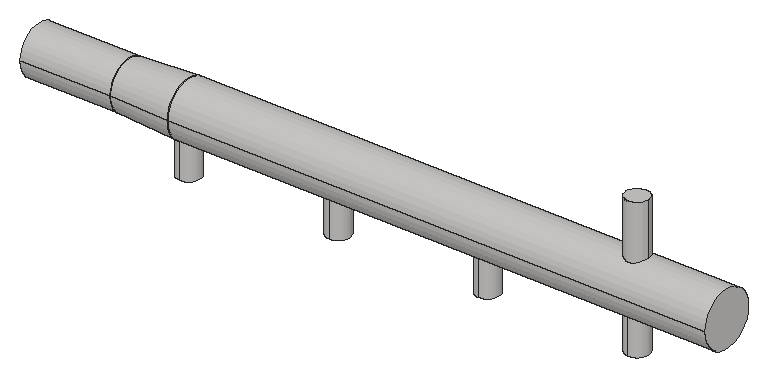
Revit family "BIMLIB_Коллектор_867_4_РОСТерм", category Оборудование, Revit 2017
Family settings
  Размер круглого соединителя = Использовать диаметр
  Тип детали = Нормальный
  На основе рабочей плоскости = Нет
  Всегда вертикально = Да
  При загрузке вырезать с полостями = Нет
  Общий = Нет
  Точка расчета площади = Нет
Parameters (values of type "Коллектор HEIZEN 867 для систем отопления сварной Ду32 на 4 выхода")
  РТ_Шаг = 100 mm
  РТ_l = 100 mm  # constant formula
  РТ_R1 = 18 mm
  РТ_R_низ = РТ_DN_низ / 2  # 7.5 mm
  РТ_DN3 = 15 mm  # constant formula
  Описание = "Коллекторы Heizen изготовлены из высококачественной латуни и нержавеющей стали, что исключает риск протечек. Коллекторы могут быть оснащены различными видами арматуры: ручными балансировочными клапанами,ручными запорными клапанами, термостатическими клапанами, расходомерами, воздухоотводчиками и дренажными кранами."
  РТ_DN_низ = 15 mm  # constant formula
  РТ_DN_бок = 32 mm
  Изготовитель = "РОСТерм"  # constant formula
  URL = "http://rostherm.ru/"
  RT_R2 = РТ_DN_бок / 2  # 16 mm
  BL_Разработано = "support@bimlib.ru"  # constant formula
  BL_Email = "rostherm@bimlib.ru"  # constant formula
  BL_BIM library = "https://bimlib.pro/manufacturer/rosterm/1632/"
  ADSK_Расход жидкости [instance] = 0.0 L/s
  ADSK_Примечание = ""
  ADSK_Позиция = ""
  ADSK_Обозначение = "ГОСТ 12.2.063-2015"  # constant formula
  ADSK_Наименование краткое = "HEIZEN 867 Ду32"
  ADSK_Наименование = "Коллектор HEIZEN 867 для систем отопления сварной Ду32 на 4 выхода"
  ADSK_Материал = BIMLIB_Нержавеющая_сталь_РОСТерм
  ADSK_Масса_Текст = ""
  ADSK_Масса = 0
  ADSK_Марка = "HEIZEN 867"  # constant formula
  ADSK_Код изделия = "867-32-10-04"
  ADSK_Завод-изготовитель = "Heizen"  # constant formula
  ADSK_Единица измерения = "шт."  # constant formula
  ADSK_Версия Revit = "2017"  # constant formula
  ADSK_URL страницы изделия = "http://rostherm.ru/kollektory/"
  ADSK_URL документации изделия = "http://rostherm.ru/"
Types (3, lengths in mm): name | РТ_R1 | РТ_DN_бок | RT_R2 | ADSK_Наименование краткое | ADSK_Наименование | ADSK_Код изделия
  Коллектор HEIZEN 867 для систем отопления сварной Ду50 на 4 выхода | 27 | 50 | 25 | "HEIZEN 867 Ду50" | "Коллектор HEIZEN 867 для систем отопления сварной Ду50 на 4 выхода" | "867-50-10-04"
  Коллектор HEIZEN 867 для систем отопления сварной Ду40 на 4 выхода | 22 | 40 | 20 | "HEIZEN 867 Ду40" | "Коллектор HEIZEN 867 для систем отопления сварной Ду40 на 4 выхода" | "867-40-10-04"
  Коллектор HEIZEN 867 для систем отопления сварной Ду32 на 4 выхода | 18 | 32 | 16 | "HEIZEN 867 Ду32" | "Коллектор HEIZEN 867 для систем отопления сварной Ду32 на 4 выхода" | "867-32-10-04"
Reference planes
  plane 1 "По центру (Вперед/Назад)": y = 0
  plane 2: z = 0
  plane 3 "По центру (Влево/Вправо)": x = 0
  plane 4: x = 100
  plane 5: x = 60
Forms (mm)
  Extrusion 1, solid, material "BIMLIB_Нержавеющая_сталь_РОСТерм" <- "ADSK_Материал", detail levels medium+fine
    sketch origin (65, 0, 0) x (0, 1, 0) y (0, 0, 1)
      loop
        circle (0, 0) r 18
    from 35 to 395
  Sweep 2, solid, material "BIMLIB_Нержавеющая_сталь_РОСТерм" <- "ADSK_Материал", detail levels medium+fine
    path origin (65, 0, 7.5) x (1, 0, 0) y (0, 0, 1)
      loop
        line (35, -7.5) -> (35, -47.5)
    profile origin (100, 0, -20) x (0, -1, 0) y (1, 0, 0)
      loop
        circle (0, 0) r 7.5
  Blend 3, solid, material "BIMLIB_Нержавеющая_сталь_РОСТерм" <- "ADSK_Материал", detail levels medium+fine
    base sketch origin (50, 0, 0) x (0, 1, 0) y (0, 0, 1)
      loop
        circle (0, 0) r 18
    top sketch origin (50, 0, 0) x (0, 1, 0) y (0, 0, 1)
      loop
        circle (0, 0) r 16
    from 50 to 10
  Extrusion 4, solid, material "BIMLIB_Нержавеющая_сталь_РОСТерм" <- "ADSK_Материал", detail levels medium+fine
    sketch origin (50, 0, 0) x (0, 1, 0) y (0, 0, 1)
      loop
        circle (0, 0) r 16
    from -50 to 10
  Sweep 5, solid, material "BIMLIB_Нержавеющая_сталь_РОСТерм" <- "ADSK_Материал", detail levels medium+fine
    path origin (165, 0, 7.5) x (1, 0, 0) y (0, 0, 1)
      loop
        line (35, -7.5) -> (35, -47.5)
    profile origin (200, 0, -20) x (0, -1, 0) y (1, 0, 0)
      loop
        circle (0, 0) r 7.5
  Sweep 6, solid, material "BIMLIB_Нержавеющая_сталь_РОСТерм" <- "ADSK_Материал", detail levels medium+fine
    path origin (265, 0, 7.5) x (1, 0, 0) y (0, 0, 1)
      loop
        line (35, -7.5) -> (35, -47.5)
    profile origin (300, 0, -20) x (0, -1, 0) y (1, 0, 0)
      loop
        circle (0, 0) r 7.5
  Sweep 7, solid, material "BIMLIB_Нержавеющая_сталь_РОСТерм" <- "ADSK_Материал", detail levels medium+fine
    path origin (365, 0, 7.5) x (1, 0, 0) y (0, 0, 1)
      loop
        line (35, -7.5) -> (35, -47.5)
    profile origin (400, 0, -20) x (0, -1, 0) y (1, 0, 0)
      loop
        circle (0, 0) r 7.5
  Extrusion 8, solid, material "BIMLIB_Нержавеющая_сталь_РОСТерм" <- "ADSK_Материал", detail levels medium+fine
    sketch origin (-699.815, 0, 0) x (1, 0, 0) y (0, 1, 0)
      loop
        circle (1099.815, 0) r 7.5
    from 0 to 52.797
Cuts and joins
  joined: Extrusion 1, Extrusion 8
Lines and regions (mm)
  model lines, detail levels coarse
    curve 1: line (0, 0, 0) -> (460, 0, 0)
    curve 2: line (100, 0, 0) -> (100, 0, -40)
    curve 3: line (200.436, 0, -40) -> (200.436, 0, 0)
    curve 4: line (300, 0, -40) -> (300, 0, 0)
    curve 5: line (400, 0, -40) -> (400, 0, 0)
Dimensions and locks
  "РТ_l": plane 4 to plane 3 "По центру (Влево/Вправо)"
  Sweep 2 sketch curve to Sweep 2 sketch curve = 40 mm
  locked: plane 4 to plane 5 at 40
  Sweep 5 sketch curve to Sweep 5 sketch curve = 40 mm
  Sweep 6 sketch curve to Sweep 6 sketch curve = 40 mm
  Sweep 7 sketch curve to Sweep 7 sketch curve = 40 mm
  "РТ_R1": radius of Extrusion 1 sketch curve
  "РТ_R_низ": radius of Sweep 2 sketch curve
  "РТ_R1": radius of Blend 3 sketch curve
  "RT_R2": radius of Blend 3 sketch curve
  "RT_R2": radius of Extrusion 4 sketch curve
  "РТ_R_низ": radius of Sweep 5 sketch curve
  "РТ_R_низ": radius of Sweep 6 sketch curve
  "РТ_R_низ": radius of Sweep 7 sketch curve
  "РТ_R_низ": radius of Extrusion 8 sketch curve
  aligned and locked: level to plane 2
  aligned and locked: curve 2 to plane 4
  aligned and locked: plane 4 to Sweep 2
  aligned and locked: Blend 3 to plane 5
  aligned and locked: Extrusion 4 to plane 3 "По центру (Влево/Вправо)"
  aligned and locked: Extrusion 4 to Blend 3
Automatic sketch dimensions
  Sweep 2 sketch curve to profile plane = 0 mm
  profile plane to Sweep 2 sketch curve = 0 mm
  Extrusion 1 sketch curve to level = 0 mm
  Extrusion 1 sketch curve to plane 1 "По центру (Вперед/Назад)" = 0 mm
  Blend 3 sketch curve to level = 0 mm  (x2)
  Blend 3 sketch curve to plane 1 "По центру (Вперед/Назад)" = 0 mm  (x2)
  Extrusion 4 sketch curve to level = 0 mm
  Extrusion 4 sketch curve to plane 1 "По центру (Вперед/Назад)" = 0 mm
  Sweep 5 sketch curve to profile plane = 0 mm
  profile plane to Sweep 5 sketch curve = 0 mm
  Sweep 6 sketch curve to profile plane = 0 mm
  profile plane to Sweep 6 sketch curve = 0 mm
  Sweep 7 sketch curve to profile plane = 0 mm
  profile plane to Sweep 7 sketch curve = 0 mm
  plane 1 "По центру (Вперед/Назад)" to Extrusion 8 sketch curve = 0 mm
  plane 4 to Extrusion 8 sketch curve = 300 mm
  curve 1 to level = 0 mm
  curve 1 to plane 3 "По центру (Влево/Вправо)" = 0 mm
  curve 2 to curve 3 = 100.436 mm
  curve 4 to level = 40 mm
  curve 3 to curve 4 = 99.564 mm
  curve 5 to level = 40 mm
  curve 4 to curve 5 = 100 mm
  curve 5 to curve 1 = 60 mm
  curve 2 to level = 40 mm
  curve 3 to curve 3 = 40 mm
Connectors
  piping at (100, 0, -40), diameter 15, driven by "РТ_DN_низ", driven by "ADSK_Расход жидкости"
    settings: on Sweep 2, index 3, connector inside diameter 609.6 mm, connector length 0 mm, flow factor 0, pipe flow 0.0 L/s, pressure drop 0.0 Pa, fitting loss kfactor 0, connector angle 0.00°, fixture units 0, engagement length 0 mm, angle of deflection 0.00°, flow configuration 0, flow direction 2, fitting loss method 0, system type 7, joint type 0, gender type 0, connector reference index -1, connector utility 0, adjustable connector no, is connector primary yes, connector description ""
  piping at (0, 0, 0), diameter 32, driven by "ADSK_Расход жидкости", driven by "РТ_DN_бок"
    settings: on Extrusion 4, index 38, connector inside diameter 609.6 mm, connector length 0 mm, flow factor 0, pipe flow 0.0 L/s, pressure drop 0.0 Pa, fitting loss kfactor 0, connector angle 0.00°, fixture units 0, engagement length 0 mm, angle of deflection 0.00°, flow configuration 0, flow direction 1, fitting loss method 0, system type 7, joint type 0, gender type 0, connector reference index -1, connector utility 0, adjustable connector no, is connector primary no, connector description ""
  piping at (200, 0, -40), diameter 15, driven by "РТ_DN_низ", driven by "ADSK_Расход жидкости"
    settings: on Sweep 5, index 39, connector inside diameter 609.6 mm, connector length 0 mm, flow factor 0, pipe flow 0.0 L/s, pressure drop 0.0 Pa, fitting loss kfactor 0, connector angle 0.00°, fixture units 0, engagement length 0 mm, angle of deflection 0.00°, flow configuration 0, flow direction 2, fitting loss method 0, system type 7, joint type 0, gender type 0, connector reference index -1, connector utility 0, adjustable connector no, is connector primary no, connector description ""
  piping at (300, 0, -40), diameter 15, driven by "РТ_DN_низ", driven by "ADSK_Расход жидкости"
    settings: on Sweep 6, index 40, connector inside diameter 609.6 mm, connector length 0 mm, flow factor 0, pipe flow 0.0 L/s, pressure drop 0.0 Pa, fitting loss kfactor 0, connector angle 0.00°, fixture units 0, engagement length 0 mm, angle of deflection 0.00°, flow configuration 0, flow direction 2, fitting loss method 0, system type 7, joint type 0, gender type 0, connector reference index -1, connector utility 0, adjustable connector no, is connector primary no, connector description ""
  piping at (400, 0, -40), diameter 15, driven by "РТ_DN_низ", driven by "ADSK_Расход жидкости"
    settings: on Sweep 7, index 41, connector inside diameter 609.6 mm, connector length 0 mm, flow factor 0, pipe flow 0.0 L/s, pressure drop 0.0 Pa, fitting loss kfactor 0, connector angle 0.00°, fixture units 0, engagement length 0 mm, angle of deflection 0.00°, flow configuration 0, flow direction 2, fitting loss method 0, system type 7, joint type 0, gender type 0, connector reference index -1, connector utility 0, adjustable connector no, is connector primary no, connector description ""
  piping at (400, 0, 52.797), diameter 15, driven by "РТ_DN3", driven by "ADSK_Расход жидкости"
    settings: on cut or joined group of Extrusion 1, Extrusion 8, index 42, connector inside diameter 609.6 mm, connector length 0 mm, flow factor 0, pipe flow 0.0 L/s, pressure drop 0.0 Pa, fitting loss kfactor 0, connector angle 0.00°, fixture units 0, engagement length 0 mm, angle of deflection 0.00°, flow configuration 0, flow direction 0, fitting loss method 0, system type 29, joint type 0, gender type 0, connector reference index -1, connector utility 0, adjustable connector no, is connector primary no, connector description ""
